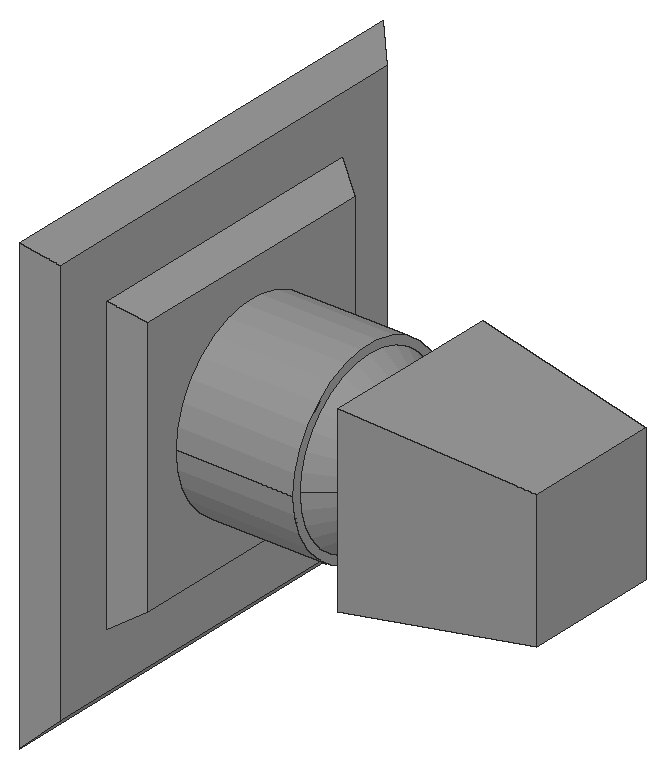
Revit family "Mimi 13312 + 31209", category Plumbing Fixtures, Revit 2013
Parameters (values of type "Mimi 13312 + 31209")
  URL = "http://www.abey.com.au/store/tapware/bathroom-tapware2/gessi/mimi-bathroom-tapware/wall-mixer-3/"
  Mounting Height [instance] = 1000 mm
  Model = "Mimi 13312 + 31209"
  Manufacturer = "Gessi"
  Description = "Wall mixer (supplied in two parts)"
Reference planes
  plane 1 "Center (Front/Back)": y = 0
  plane 2: z = 0
  plane 3 "Center (Left/Right)": x = 0
  plane 4: z = 1000
Dimensions and locks
  "Mounting Height": plane 4 to plane 2
  aligned and locked: level to plane 2
  aligned and locked: nested 1 to plane 4
Nested families
  nested 1: "13312 + 31209" at (0, 0, 1050), type "13312 + 31209"
Definition of nested family "13312 + 31209"
  Reference planes
    plane 1 "Center (Front/Back)": y = 0
    plane 2: z = 0
    plane 3 "Center (Left/Right)": x = 0
  Forms (mm)
    Blend 1, solid, material "Steel, Chrome Plated"
      base sketch origin (0, 0, 0) x (0, 1, 0) y (0, 0, 1)
        loop
          line (-50, 50) -> (-50, -50) -> (50, -50) -> (50, 50) -> (-50, 50)
      top sketch origin (0, 0, 0) x (0, 1, 0) y (0, 0, 1)
        loop
          line (45, -45) -> (45, 45) -> (-45, 45) -> (-45, -45) -> (45, -45)
      from 0 to 5
    Blend 2, solid, material "Steel, Chrome Plated"
      base sketch origin (0, 0, 0) x (0, 1, 0) y (0, 0, 1)
        loop
          line (-32.5, 32.5) -> (-32.5, -32.5) -> (32.5, -32.5) -> (32.5, 32.5) -> (-32.5, 32.5)
      top sketch origin (0, 0, 0) x (0, 1, 0) y (0, 0, 1)
        loop
          line (-28.5, 28.5) -> (-28.5, -28.5) -> (28.5, -28.5) -> (28.5, 28.5) -> (-28.5, 28.5)
      from 5 to 11
    Extrusion 3, solid, material "Steel, Chrome Plated"
      sketch origin (0, 0, 0) x (0, 1, 0) y (0, 0, 1)
        loop
          circle (0, 0) r 20.9
      from 11 to 37
    Blend 4, solid, material "Steel, Chrome Plated"
      base sketch origin (0, 0, 0) x (0, 1, 0) y (0, 0, 1)
        loop
          circle (0, 0) r 19.146
      top sketch origin (0, 0, 0) x (0, 1, 0) y (0, 0, 1)
        loop
          circle (0, 0) r 12.223
      from 37 to 46
    Blend 5, solid, material "Steel, Chrome Plated"
      base sketch origin (0, 0, 0) x (0, 1, 0) y (0, 0, 1)
        loop
          line (-20, 20) -> (-20, -20) -> (20, -20) -> (20, 20) -> (-20, 20)
      top sketch origin (0, 0, 0) x (0, 1, 0) y (0, 0, 1)
        loop
          line (-15, 15) -> (-15, -15) -> (15, -15) -> (15, 15) -> (-15, 15)
      from 46 to 86
  Dimensions and locks
    aligned and locked: level to plane 2
